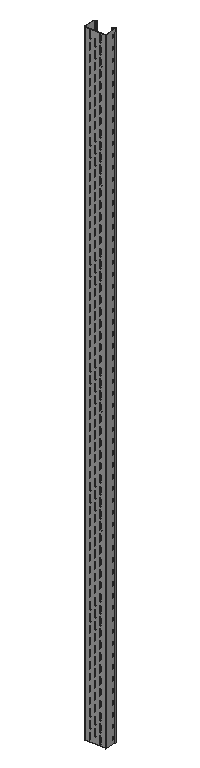
Revit family "Kabelrinne MKS 610FS", category Generic Models, Revit 2017 (continued)
Forms (mm)
  Extrusion 161, void
    sketch origin (0, 25, 950) x (0, 1, 0) y (0, 0, 1)
      loop
        line (10.678, 35) -> (10.678, 15) -> (17.678, 15) -> (17.678, 35) -> (10.678, 35)
    from 49 to 50
  Extrusion 162, void
    sketch origin (0, 0, 1000) x (0, 1, 0) y (0, 0, 1)
      loop
        line (10.678, 35) -> (10.678, 15) -> (17.678, 15) -> (17.678, 35) -> (10.678, 35)
    from 49 to 50
  Extrusion 163, void
    sketch origin (0, 25, 1000) x (0, 1, 0) y (0, 0, 1)
      loop
        line (10.678, 35) -> (10.678, 15) -> (17.678, 15) -> (17.678, 35) -> (10.678, 35)
    from 49 to 50
  Extrusion 164, void
    sketch origin (0, 0, 1050) x (0, 1, 0) y (0, 0, 1)
      loop
        line (10.678, 35) -> (10.678, 15) -> (17.678, 15) -> (17.678, 35) -> (10.678, 35)
    from 49 to 50
  Extrusion 165, void
    sketch origin (0, 25, 1050) x (0, 1, 0) y (0, 0, 1)
      loop
        line (10.678, 35) -> (10.678, 15) -> (17.678, 15) -> (17.678, 35) -> (10.678, 35)
    from 49 to 50
  Extrusion 166, void
    sketch origin (0, 0, 1100) x (0, 1, 0) y (0, 0, 1)
      loop
        line (10.678, 35) -> (10.678, 15) -> (17.678, 15) -> (17.678, 35) -> (10.678, 35)
    from 49 to 50
  Extrusion 167, void
    sketch origin (0, 25, 1100) x (0, 1, 0) y (0, 0, 1)
      loop
        line (10.678, 35) -> (10.678, 15) -> (17.678, 15) -> (17.678, 35) -> (10.678, 35)
    from 49 to 50
  Extrusion 168, void
    sketch origin (0, 0, 1150) x (0, 1, 0) y (0, 0, 1)
      loop
        line (10.678, 35) -> (10.678, 15) -> (17.678, 15) -> (17.678, 35) -> (10.678, 35)
    from 49 to 50
  Extrusion 169, void
    sketch origin (0, 25, 1150) x (0, 1, 0) y (0, 0, 1)
      loop
        line (10.678, 35) -> (10.678, 15) -> (17.678, 15) -> (17.678, 35) -> (10.678, 35)
    from 49 to 50
  Extrusion 170, void
    sketch origin (0, 0, 1200) x (0, 1, 0) y (0, 0, 1)
      loop
        line (10.678, 35) -> (10.678, 15) -> (17.678, 15) -> (17.678, 35) -> (10.678, 35)
    from 49 to 50
  Extrusion 171, void
    sketch origin (0, 25, 1200) x (0, 1, 0) y (0, 0, 1)
      loop
        line (10.678, 35) -> (10.678, 15) -> (17.678, 15) -> (17.678, 35) -> (10.678, 35)
    from 49 to 50
  Extrusion 172, void
    sketch origin (0, 0, 1250) x (0, 1, 0) y (0, 0, 1)
      loop
        line (10.678, 35) -> (10.678, 15) -> (17.678, 15) -> (17.678, 35) -> (10.678, 35)
    from 49 to 50
  Extrusion 173, void
    sketch origin (0, 25, 1250) x (0, 1, 0) y (0, 0, 1)
      loop
        line (10.678, 35) -> (10.678, 15) -> (17.678, 15) -> (17.678, 35) -> (10.678, 35)
    from 49 to 50
  Extrusion 174, void
    sketch origin (0, 0, 1300) x (0, 1, 0) y (0, 0, 1)
      loop
        line (10.678, 35) -> (10.678, 15) -> (17.678, 15) -> (17.678, 35) -> (10.678, 35)
    from 49 to 50
  Extrusion 175, void
    sketch origin (0, 25, 1300) x (0, 1, 0) y (0, 0, 1)
      loop
        line (10.678, 35) -> (10.678, 15) -> (17.678, 15) -> (17.678, 35) -> (10.678, 35)
    from 49 to 50
  Extrusion 176, void
    sketch origin (0, 0, 1350) x (0, 1, 0) y (0, 0, 1)
      loop
        line (10.678, 35) -> (10.678, 15) -> (17.678, 15) -> (17.678, 35) -> (10.678, 35)
    from 49 to 50
  Extrusion 177, void
    sketch origin (0, 25, 1350) x (0, 1, 0) y (0, 0, 1)
      loop
        line (10.678, 35) -> (10.678, 15) -> (17.678, 15) -> (17.678, 35) -> (10.678, 35)
    from 49 to 50
  Extrusion 178, void
    sketch origin (0, 0, 1400) x (0, 1, 0) y (0, 0, 1)
      loop
        line (10.678, 35) -> (10.678, 15) -> (17.678, 15) -> (17.678, 35) -> (10.678, 35)
    from 49 to 50
  Extrusion 179, void
    sketch origin (0, 25, 1400) x (0, 1, 0) y (0, 0, 1)
      loop
        line (10.678, 35) -> (10.678, 15) -> (17.678, 15) -> (17.678, 35) -> (10.678, 35)
    from 49 to 50
  Extrusion 180, void
    sketch origin (0, 0, 1450) x (0, 1, 0) y (0, 0, 1)
      loop
        line (10.678, 35) -> (10.678, 15) -> (17.678, 15) -> (17.678, 35) -> (10.678, 35)
    from 49 to 50
  Extrusion 181, void
    sketch origin (0, 25, 1450) x (0, 1, 0) y (0, 0, 1)
      loop
        line (10.678, 35) -> (10.678, 15) -> (17.678, 15) -> (17.678, 35) -> (10.678, 35)
    from 49 to 50
  Extrusion 182, void
    sketch origin (0, 0, 1500) x (0, 1, 0) y (0, 0, 1)
      loop
        line (10.678, 35) -> (10.678, 15) -> (17.678, 15) -> (17.678, 35) -> (10.678, 35)
    from 49 to 50
  Extrusion 183, void
    sketch origin (0, 25, 1500) x (0, 1, 0) y (0, 0, 1)
      loop
        line (10.678, 35) -> (10.678, 15) -> (17.678, 15) -> (17.678, 35) -> (10.678, 35)
    from 49 to 50
  Extrusion 184, void
    sketch origin (0, 0, 1550) x (0, 1, 0) y (0, 0, 1)
      loop
        line (10.678, 35) -> (10.678, 15) -> (17.678, 15) -> (17.678, 35) -> (10.678, 35)
    from 49 to 50
  Extrusion 185, void
    sketch origin (0, 25, 1550) x (0, 1, 0) y (0, 0, 1)
      loop
        line (10.678, 35) -> (10.678, 15) -> (17.678, 15) -> (17.678, 35) -> (10.678, 35)
    from 49 to 50
  Extrusion 186, void
    sketch origin (0, 0, 1600) x (0, 1, 0) y (0, 0, 1)
      loop
        line (10.678, 35) -> (10.678, 15) -> (17.678, 15) -> (17.678, 35) -> (10.678, 35)
    from 49 to 50
  Extrusion 187, void
    sketch origin (0, 25, 1600) x (0, 1, 0) y (0, 0, 1)
      loop
        line (10.678, 35) -> (10.678, 15) -> (17.678, 15) -> (17.678, 35) -> (10.678, 35)
    from 49 to 50
  Extrusion 188, void
    sketch origin (0, 0, 1650) x (0, 1, 0) y (0, 0, 1)
      loop
        line (10.678, 35) -> (10.678, 15) -> (17.678, 15) -> (17.678, 35) -> (10.678, 35)
    from 49 to 50
  Extrusion 189, void
    sketch origin (0, 25, 1650) x (0, 1, 0) y (0, 0, 1)
      loop
        line (10.678, 35) -> (10.678, 15) -> (17.678, 15) -> (17.678, 35) -> (10.678, 35)
    from 49 to 50
  Extrusion 190, void
    sketch origin (0, 0, 1700) x (0, 1, 0) y (0, 0, 1)
      loop
        line (10.678, 35) -> (10.678, 15) -> (17.678, 15) -> (17.678, 35) -> (10.678, 35)
    from 49 to 50
  Extrusion 191, void
    sketch origin (0, 25, 1700) x (0, 1, 0) y (0, 0, 1)
      loop
        line (10.678, 35) -> (10.678, 15) -> (17.678, 15) -> (17.678, 35) -> (10.678, 35)
    from 49 to 50
  Extrusion 192, void
    sketch origin (0, 0, 1750) x (0, 1, 0) y (0, 0, 1)
      loop
        line (10.678, 35) -> (10.678, 15) -> (17.678, 15) -> (17.678, 35) -> (10.678, 35)
    from 49 to 50
  Extrusion 193, void
    sketch origin (0, 25, 1750) x (0, 1, 0) y (0, 0, 1)
      loop
        line (10.678, 35) -> (10.678, 15) -> (17.678, 15) -> (17.678, 35) -> (10.678, 35)
    from 49 to 50
  Extrusion 194, void
    sketch origin (0, 0, 1800) x (0, 1, 0) y (0, 0, 1)
      loop
        line (10.678, 35) -> (10.678, 15) -> (17.678, 15) -> (17.678, 35) -> (10.678, 35)
    from 49 to 50
  Extrusion 195, void
    sketch origin (0, 25, 1800) x (0, 1, 0) y (0, 0, 1)
      loop
        line (10.678, 35) -> (10.678, 15) -> (17.678, 15) -> (17.678, 35) -> (10.678, 35)
    from 49 to 50
  Extrusion 196, void
    sketch origin (0, 0, 1850) x (0, 1, 0) y (0, 0, 1)
      loop
        line (10.678, 35) -> (10.678, 15) -> (17.678, 15) -> (17.678, 35) -> (10.678, 35)
    from 49 to 50
  Extrusion 197, void
    sketch origin (0, 25, 1850) x (0, 1, 0) y (0, 0, 1)
      loop
        line (10.678, 35) -> (10.678, 15) -> (17.678, 15) -> (17.678, 35) -> (10.678, 35)
    from 49 to 50
  Extrusion 198, void
    sketch origin (0, 0, 1900) x (0, 1, 0) y (0, 0, 1)
      loop
        line (10.678, 35) -> (10.678, 15) -> (17.678, 15) -> (17.678, 35) -> (10.678, 35)
    from 49 to 50
  Extrusion 199, void
    sketch origin (0, 25, 1900) x (0, 1, 0) y (0, 0, 1)
      loop
        line (10.678, 35) -> (10.678, 15) -> (17.678, 15) -> (17.678, 35) -> (10.678, 35)
    from 49 to 50
  Extrusion 200, void
    sketch origin (0, 0, 1950) x (0, 1, 0) y (0, 0, 1)
      loop
        line (10.678, 35) -> (10.678, 15) -> (17.678, 15) -> (17.678, 35) -> (10.678, 35)
    from 49 to 50
  Extrusion 201, void
    sketch origin (0, 25, 1950) x (0, 1, 0) y (0, 0, 1)
      loop
        line (10.678, 35) -> (10.678, 15) -> (17.678, 15) -> (17.678, 35) -> (10.678, 35)
    from 49 to 50
  Extrusion 202, void
    sketch origin (0, 0, 2000) x (0, 1, 0) y (0, 0, 1)
      loop
        line (10.678, 35) -> (10.678, 15) -> (17.678, 15) -> (17.678, 35) -> (10.678, 35)
    from 49 to 50
  Extrusion 203, void
    sketch origin (0, 25, 2000) x (0, 1, 0) y (0, 0, 1)
      loop
        line (10.678, 35) -> (10.678, 15) -> (17.678, 15) -> (17.678, 35) -> (10.678, 35)
    from 49 to 50
  Extrusion 204, void
    sketch origin (0, 0, 2050) x (0, 1, 0) y (0, 0, 1)
      loop
        line (10.678, 35) -> (10.678, 15) -> (17.678, 15) -> (17.678, 35) -> (10.678, 35)
    from 49 to 50
  Extrusion 205, void
    sketch origin (0, 25, 2050) x (0, 1, 0) y (0, 0, 1)
      loop
        line (10.678, 35) -> (10.678, 15) -> (17.678, 15) -> (17.678, 35) -> (10.678, 35)
    from 49 to 50
  Extrusion 206, void
    sketch origin (0, 0, 2100) x (0, 1, 0) y (0, 0, 1)
      loop
        line (10.678, 35) -> (10.678, 15) -> (17.678, 15) -> (17.678, 35) -> (10.678, 35)
    from 49 to 50
  Extrusion 207, void
    sketch origin (0, 25, 2100) x (0, 1, 0) y (0, 0, 1)
      loop
        line (10.678, 35) -> (10.678, 15) -> (17.678, 15) -> (17.678, 35) -> (10.678, 35)
    from 49 to 50
  Extrusion 208, void
    sketch origin (0, 0, 2150) x (0, 1, 0) y (0, 0, 1)
      loop
        line (10.678, 35) -> (10.678, 15) -> (17.678, 15) -> (17.678, 35) -> (10.678, 35)
    from 49 to 50
  Extrusion 209, void
    sketch origin (0, 25, 2150) x (0, 1, 0) y (0, 0, 1)
      loop
        line (10.678, 35) -> (10.678, 15) -> (17.678, 15) -> (17.678, 35) -> (10.678, 35)
    from 49 to 50
  Extrusion 210, void
    sketch origin (0, 0, 2200) x (0, 1, 0) y (0, 0, 1)
      loop
        line (10.678, 35) -> (10.678, 15) -> (17.678, 15) -> (17.678, 35) -> (10.678, 35)
    from 49 to 50
  Extrusion 211, void
    sketch origin (0, 25, 2200) x (0, 1, 0) y (0, 0, 1)
      loop
        line (10.678, 35) -> (10.678, 15) -> (17.678, 15) -> (17.678, 35) -> (10.678, 35)
    from 49 to 50
  Extrusion 212, void
    sketch origin (0, 0, 2250) x (0, 1, 0) y (0, 0, 1)
      loop
        line (10.678, 35) -> (10.678, 15) -> (17.678, 15) -> (17.678, 35) -> (10.678, 35)
    from 49 to 50
  Extrusion 213, void
    sketch origin (0, 25, 2250) x (0, 1, 0) y (0, 0, 1)
      loop
        line (10.678, 35) -> (10.678, 15) -> (17.678, 15) -> (17.678, 35) -> (10.678, 35)
    from 49 to 50
  Extrusion 214, void
    sketch origin (0, 0, 2300) x (0, 1, 0) y (0, 0, 1)
      loop
        line (10.678, 35) -> (10.678, 15) -> (17.678, 15) -> (17.678, 35) -> (10.678, 35)
    from 49 to 50
  Extrusion 215, void
    sketch origin (0, 25, 2300) x (0, 1, 0) y (0, 0, 1)
      loop
        line (10.678, 35) -> (10.678, 15) -> (17.678, 15) -> (17.678, 35) -> (10.678, 35)
    from 49 to 50
  Extrusion 216, void
    sketch origin (0, 0, 2350) x (0, 1, 0) y (0, 0, 1)
      loop
        line (10.678, 35) -> (10.678, 15) -> (17.678, 15) -> (17.678, 35) -> (10.678, 35)
    from 49 to 50
  Extrusion 217, void
    sketch origin (0, 25, 2350) x (0, 1, 0) y (0, 0, 1)
      loop
        line (10.678, 35) -> (10.678, 15) -> (17.678, 15) -> (17.678, 35) -> (10.678, 35)
    from 49 to 50
  Extrusion 218, void
    sketch origin (0, 0, 2400) x (0, 1, 0) y (0, 0, 1)
      loop
        line (10.678, 35) -> (10.678, 15) -> (17.678, 15) -> (17.678, 35) -> (10.678, 35)
    from 49 to 50
  Extrusion 219, void
    sketch origin (0, 25, 2400) x (0, 1, 0) y (0, 0, 1)
      loop
        line (10.678, 35) -> (10.678, 15) -> (17.678, 15) -> (17.678, 35) -> (10.678, 35)
    from 49 to 50
  Extrusion 220, void
    sketch origin (0, 0, 2450) x (0, 1, 0) y (0, 0, 1)
      loop
        line (10.678, 35) -> (10.678, 15) -> (17.678, 15) -> (17.678, 35) -> (10.678, 35)
    from 49 to 50
  Extrusion 221, void
    sketch origin (0, 25, 2450) x (0, 1, 0) y (0, 0, 1)
      loop
        line (10.678, 35) -> (10.678, 15) -> (17.678, 15) -> (17.678, 35) -> (10.678, 35)
    from 49 to 50
  Extrusion 222, void
    sketch origin (0, 0, 2500) x (0, 1, 0) y (0, 0, 1)
      loop
        line (10.678, 35) -> (10.678, 15) -> (17.678, 15) -> (17.678, 35) -> (10.678, 35)
    from 49 to 50
  Extrusion 223, void
    sketch origin (0, 25, 2500) x (0, 1, 0) y (0, 0, 1)
      loop
        line (10.678, 35) -> (10.678, 15) -> (17.678, 15) -> (17.678, 35) -> (10.678, 35)
    from 49 to 50
  Extrusion 224, void
    sketch origin (0, 0, 2550) x (0, 1, 0) y (0, 0, 1)
      loop
        line (10.678, 35) -> (10.678, 15) -> (17.678, 15) -> (17.678, 35) -> (10.678, 35)
    from 49 to 50
  Extrusion 225, void
    sketch origin (0, 25, 2550) x (0, 1, 0) y (0, 0, 1)
      loop
        line (10.678, 35) -> (10.678, 15) -> (17.678, 15) -> (17.678, 35) -> (10.678, 35)
    from 49 to 50
  Extrusion 226, void
    sketch origin (0, 0, 2600) x (0, 1, 0) y (0, 0, 1)
      loop
        line (10.678, 35) -> (10.678, 15) -> (17.678, 15) -> (17.678, 35) -> (10.678, 35)
    from 49 to 50
  Extrusion 227, void
    sketch origin (0, 25, 2600) x (0, 1, 0) y (0, 0, 1)
      loop
        line (10.678, 35) -> (10.678, 15) -> (17.678, 15) -> (17.678, 35) -> (10.678, 35)
    from 49 to 50
  Extrusion 228, void
    sketch origin (0, 0, 2650) x (0, 1, 0) y (0, 0, 1)
      loop
        line (10.678, 35) -> (10.678, 15) -> (17.678, 15) -> (17.678, 35) -> (10.678, 35)
    from 49 to 50
  Extrusion 229, void
    sketch origin (0, 25, 2650) x (0, 1, 0) y (0, 0, 1)
      loop
        line (10.678, 35) -> (10.678, 15) -> (17.678, 15) -> (17.678, 35) -> (10.678, 35)
    from 49 to 50
  Extrusion 230, void
    sketch origin (0, 0, 2700) x (0, 1, 0) y (0, 0, 1)
      loop
        line (10.678, 35) -> (10.678, 15) -> (17.678, 15) -> (17.678, 35) -> (10.678, 35)
    from 49 to 50
  Extrusion 231, void
    sketch origin (0, 25, 2700) x (0, 1, 0) y (0, 0, 1)
      loop
        line (10.678, 35) -> (10.678, 15) -> (17.678, 15) -> (17.678, 35) -> (10.678, 35)
    from 49 to 50
  Extrusion 232, void
    sketch origin (0, 0, 2750) x (0, 1, 0) y (0, 0, 1)
      loop
        line (10.678, 35) -> (10.678, 15) -> (17.678, 15) -> (17.678, 35) -> (10.678, 35)
    from 49 to 50
  Extrusion 233, void
    sketch origin (0, 25, 2750) x (0, 1, 0) y (0, 0, 1)
      loop
        line (10.678, 35) -> (10.678, 15) -> (17.678, 15) -> (17.678, 35) -> (10.678, 35)
    from 49 to 50
  Extrusion 234, void
    sketch origin (0, 0, 2800) x (0, 1, 0) y (0, 0, 1)
      loop
        line (10.678, 35) -> (10.678, 15) -> (17.678, 15) -> (17.678, 35) -> (10.678, 35)
    from 49 to 50
  Extrusion 235, void
    sketch origin (0, 25, 2800) x (0, 1, 0) y (0, 0, 1)
      loop
        line (10.678, 35) -> (10.678, 15) -> (17.678, 15) -> (17.678, 35) -> (10.678, 35)
    from 49 to 50
  Extrusion 236, void
    sketch origin (0, 0, 2850) x (0, 1, 0) y (0, 0, 1)
      loop
        line (10.678, 35) -> (10.678, 15) -> (17.678, 15) -> (17.678, 35) -> (10.678, 35)
    from 49 to 50
  Extrusion 237, void
    sketch origin (0, 25, 2850) x (0, 1, 0) y (0, 0, 1)
      loop
        line (10.678, 35) -> (10.678, 15) -> (17.678, 15) -> (17.678, 35) -> (10.678, 35)
    from 49 to 50
  Extrusion 238, void
    sketch origin (0, 0, 2900) x (0, 1, 0) y (0, 0, 1)
      loop
        line (10.678, 35) -> (10.678, 15) -> (17.678, 15) -> (17.678, 35) -> (10.678, 35)
    from 49 to 50
  Extrusion 239, void
    sketch origin (0, 25, 2900) x (0, 1, 0) y (0, 0, 1)
      loop
        line (10.678, 35) -> (10.678, 15) -> (17.678, 15) -> (17.678, 35) -> (10.678, 35)
    from 49 to 50
  Extrusion 240, void
    sketch origin (0, 0, 2950) x (0, 1, 0) y (0, 0, 1)
      loop
        line (10.678, 35) -> (10.678, 15) -> (17.678, 15) -> (17.678, 35) -> (10.678, 35)
    from 49 to 50
  Extrusion 241, void
    sketch origin (0, 25, 2950) x (0, 1, 0) y (0, 0, 1)
      loop
        line (10.678, 35) -> (10.678, 15) -> (17.678, 15) -> (17.678, 35) -> (10.678, 35)
    from 49 to 50
  Extrusion 242, void
    sketch origin (0, 0, 0) x (0, 1, 0) y (0, 0, 1)
      loop
        line (17.678, 35) -> (10.678, 35) -> (10.678, 15) -> (17.678, 15) -> (17.678, 35)
    from -50 to -49
  Extrusion 243, void
    sketch origin (0, 25, 0) x (0, 1, 0) y (0, 0, 1)
      loop
        line (17.678, 35) -> (10.678, 35) -> (10.678, 15) -> (17.678, 15) -> (17.678, 35)
    from -50 to -49
  Extrusion 244, void
    sketch origin (0, 0, 50) x (0, 1, 0) y (0, 0, 1)
      loop
        line (17.678, 35) -> (10.678, 35) -> (10.678, 15) -> (17.678, 15) -> (17.678, 35)
    from -50 to -49
  Extrusion 245, void
    sketch origin (0, 25, 50) x (0, 1, 0) y (0, 0, 1)
      loop
        line (17.678, 35) -> (10.678, 35) -> (10.678, 15) -> (17.678, 15) -> (17.678, 35)
    from -50 to -49
  Extrusion 246, void
    sketch origin (0, 0, 100) x (0, 1, 0) y (0, 0, 1)
      loop
        line (17.678, 35) -> (10.678, 35) -> (10.678, 15) -> (17.678, 15) -> (17.678, 35)
    from -50 to -49
  Extrusion 247, void
    sketch origin (0, 25, 100) x (0, 1, 0) y (0, 0, 1)
      loop
        line (17.678, 35) -> (10.678, 35) -> (10.678, 15) -> (17.678, 15) -> (17.678, 35)
    from -50 to -49
  Extrusion 248, void
    sketch origin (0, 0, 150) x (0, 1, 0) y (0, 0, 1)
      loop
        line (17.678, 35) -> (10.678, 35) -> (10.678, 15) -> (17.678, 15) -> (17.678, 35)
    from -50 to -49
  Extrusion 249, void
    sketch origin (0, 25, 150) x (0, 1, 0) y (0, 0, 1)
      loop
        line (17.678, 35) -> (10.678, 35) -> (10.678, 15) -> (17.678, 15) -> (17.678, 35)
    from -50 to -49
  Extrusion 250, void
    sketch origin (0, 0, 200) x (0, 1, 0) y (0, 0, 1)
      loop
        line (17.678, 35) -> (10.678, 35) -> (10.678, 15) -> (17.678, 15) -> (17.678, 35)
    from -50 to -49
  Extrusion 251, void
    sketch origin (0, 25, 200) x (0, 1, 0) y (0, 0, 1)
      loop
        line (17.678, 35) -> (10.678, 35) -> (10.678, 15) -> (17.678, 15) -> (17.678, 35)
    from -50 to -49
  Extrusion 252, void
    sketch origin (0, 0, 250) x (0, 1, 0) y (0, 0, 1)
      loop
        line (17.678, 35) -> (10.678, 35) -> (10.678, 15) -> (17.678, 15) -> (17.678, 35)
    from -50 to -49
  Extrusion 253, void
    sketch origin (0, 25, 250) x (0, 1, 0) y (0, 0, 1)
      loop
        line (17.678, 35) -> (10.678, 35) -> (10.678, 15) -> (17.678, 15) -> (17.678, 35)
    from -50 to -49
  Extrusion 254, void
    sketch origin (0, 0, 300) x (0, 1, 0) y (0, 0, 1)
      loop
        line (17.678, 35) -> (10.678, 35) -> (10.678, 15) -> (17.678, 15) -> (17.678, 35)
    from -50 to -49
  Extrusion 255, void
    sketch origin (0, 25, 300) x (0, 1, 0) y (0, 0, 1)
      loop
        line (17.678, 35) -> (10.678, 35) -> (10.678, 15) -> (17.678, 15) -> (17.678, 35)
    from -50 to -49
  Extrusion 256, void
    sketch origin (0, 0, 350) x (0, 1, 0) y (0, 0, 1)
      loop
        line (17.678, 35) -> (10.678, 35) -> (10.678, 15) -> (17.678, 15) -> (17.678, 35)
    from -50 to -49
  Extrusion 257, void
    sketch origin (0, 25, 350) x (0, 1, 0) y (0, 0, 1)
      loop
        line (17.678, 35) -> (10.678, 35) -> (10.678, 15) -> (17.678, 15) -> (17.678, 35)
    from -50 to -49
  Extrusion 258, void
    sketch origin (0, 0, 400) x (0, 1, 0) y (0, 0, 1)
      loop
        line (17.678, 35) -> (10.678, 35) -> (10.678, 15) -> (17.678, 15) -> (17.678, 35)
    from -50 to -49
  Extrusion 259, void
    sketch origin (0, 25, 400) x (0, 1, 0) y (0, 0, 1)
      loop
        line (17.678, 35) -> (10.678, 35) -> (10.678, 15) -> (17.678, 15) -> (17.678, 35)
    from -50 to -49
  Extrusion 260, void
    sketch origin (0, 0, 450) x (0, 1, 0) y (0, 0, 1)
      loop
        line (17.678, 35) -> (10.678, 35) -> (10.678, 15) -> (17.678, 15) -> (17.678, 35)
    from -50 to -49
  Extrusion 261, void
    sketch origin (0, 25, 450) x (0, 1, 0) y (0, 0, 1)
      loop
        line (17.678, 35) -> (10.678, 35) -> (10.678, 15) -> (17.678, 15) -> (17.678, 35)
    from -50 to -49
  Extrusion 262, void
    sketch origin (0, 0, 500) x (0, 1, 0) y (0, 0, 1)
      loop
        line (17.678, 35) -> (10.678, 35) -> (10.678, 15) -> (17.678, 15) -> (17.678, 35)
    from -50 to -49
  Extrusion 263, void
    sketch origin (0, 25, 500) x (0, 1, 0) y (0, 0, 1)
      loop
        line (17.678, 35) -> (10.678, 35) -> (10.678, 15) -> (17.678, 15) -> (17.678, 35)
    from -50 to -49
  Extrusion 264, void
    sketch origin (0, 0, 550) x (0, 1, 0) y (0, 0, 1)
      loop
        line (17.678, 35) -> (10.678, 35) -> (10.678, 15) -> (17.678, 15) -> (17.678, 35)
    from -50 to -49
  Extrusion 265, void
    sketch origin (0, 25, 550) x (0, 1, 0) y (0, 0, 1)
      loop
        line (17.678, 35) -> (10.678, 35) -> (10.678, 15) -> (17.678, 15) -> (17.678, 35)
    from -50 to -49
  Extrusion 266, void
    sketch origin (0, 0, 600) x (0, 1, 0) y (0, 0, 1)
      loop
        line (17.678, 35) -> (10.678, 35) -> (10.678, 15) -> (17.678, 15) -> (17.678, 35)
    from -50 to -49
  Extrusion 267, void
    sketch origin (0, 25, 600) x (0, 1, 0) y (0, 0, 1)
      loop
        line (17.678, 35) -> (10.678, 35) -> (10.678, 15) -> (17.678, 15) -> (17.678, 35)
    from -50 to -49
  Extrusion 268, void
    sketch origin (0, 0, 650) x (0, 1, 0) y (0, 0, 1)
      loop
        line (17.678, 35) -> (10.678, 35) -> (10.678, 15) -> (17.678, 15) -> (17.678, 35)
    from -50 to -49
  Extrusion 269, void
    sketch origin (0, 25, 650) x (0, 1, 0) y (0, 0, 1)
      loop
        line (17.678, 35) -> (10.678, 35) -> (10.678, 15) -> (17.678, 15) -> (17.678, 35)
    from -50 to -49
  Extrusion 270, void
    sketch origin (0, 0, 700) x (0, 1, 0) y (0, 0, 1)
      loop
        line (17.678, 35) -> (10.678, 35) -> (10.678, 15) -> (17.678, 15) -> (17.678, 35)
    from -50 to -49
  Extrusion 271, void
    sketch origin (0, 25, 700) x (0, 1, 0) y (0, 0, 1)
      loop
        line (17.678, 35) -> (10.678, 35) -> (10.678, 15) -> (17.678, 15) -> (17.678, 35)
    from -50 to -49
  Extrusion 272, void
    sketch origin (0, 0, 750) x (0, 1, 0) y (0, 0, 1)
      loop
        line (17.678, 35) -> (10.678, 35) -> (10.678, 15) -> (17.678, 15) -> (17.678, 35)
    from -50 to -49
  Extrusion 273, void
    sketch origin (0, 25, 750) x (0, 1, 0) y (0, 0, 1)
      loop
        line (17.678, 35) -> (10.678, 35) -> (10.678, 15) -> (17.678, 15) -> (17.678, 35)
    from -50 to -49
  Extrusion 274, void
    sketch origin (0, 0, 800) x (0, 1, 0) y (0, 0, 1)
      loop
        line (17.678, 35) -> (10.678, 35) -> (10.678, 15) -> (17.678, 15) -> (17.678, 35)
    from -50 to -49
  Extrusion 275, void
    sketch origin (0, 25, 800) x (0, 1, 0) y (0, 0, 1)
      loop
        line (17.678, 35) -> (10.678, 35) -> (10.678, 15) -> (17.678, 15) -> (17.678, 35)
    from -50 to -49
  Extrusion 276, void
    sketch origin (0, 0, 850) x (0, 1, 0) y (0, 0, 1)
      loop
        line (17.678, 35) -> (10.678, 35) -> (10.678, 15) -> (17.678, 15) -> (17.678, 35)
    from -50 to -49
  Extrusion 277, void
    sketch origin (0, 25, 850) x (0, 1, 0) y (0, 0, 1)
      loop
        line (17.678, 35) -> (10.678, 35) -> (10.678, 15) -> (17.678, 15) -> (17.678, 35)
    from -50 to -49
  Extrusion 278, void
    sketch origin (0, 0, 900) x (0, 1, 0) y (0, 0, 1)
      loop
        line (17.678, 35) -> (10.678, 35) -> (10.678, 15) -> (17.678, 15) -> (17.678, 35)
    from -50 to -49
  Extrusion 279, void
    sketch origin (0, 25, 900) x (0, 1, 0) y (0, 0, 1)
      loop
        line (17.678, 35) -> (10.678, 35) -> (10.678, 15) -> (17.678, 15) -> (17.678, 35)
    from -50 to -49
  Extrusion 280, void
    sketch origin (0, 0, 950) x (0, 1, 0) y (0, 0, 1)
      loop
        line (17.678, 35) -> (10.678, 35) -> (10.678, 15) -> (17.678, 15) -> (17.678, 35)
    from -50 to -49
  Extrusion 281, void
    sketch origin (0, 25, 950) x (0, 1, 0) y (0, 0, 1)
      loop
        line (17.678, 35) -> (10.678, 35) -> (10.678, 15) -> (17.678, 15) -> (17.678, 35)
    from -50 to -49
  Extrusion 282, void
    sketch origin (0, 0, 1000) x (0, 1, 0) y (0, 0, 1)
      loop
        line (17.678, 35) -> (10.678, 35) -> (10.678, 15) -> (17.678, 15) -> (17.678, 35)
    from -50 to -49
  Extrusion 283, void
    sketch origin (0, 25, 1000) x (0, 1, 0) y (0, 0, 1)
      loop
        line (17.678, 35) -> (10.678, 35) -> (10.678, 15) -> (17.678, 15) -> (17.678, 35)
    from -50 to -49
  Extrusion 284, void
    sketch origin (0, 0, 1050) x (0, 1, 0) y (0, 0, 1)
      loop
        line (17.678, 35) -> (10.678, 35) -> (10.678, 15) -> (17.678, 15) -> (17.678, 35)
    from -50 to -49
  Extrusion 285, void
    sketch origin (0, 25, 1050) x (0, 1, 0) y (0, 0, 1)
      loop
        line (17.678, 35) -> (10.678, 35) -> (10.678, 15) -> (17.678, 15) -> (17.678, 35)
    from -50 to -49
  Extrusion 286, void
    sketch origin (0, 0, 1100) x (0, 1, 0) y (0, 0, 1)
      loop
        line (17.678, 35) -> (10.678, 35) -> (10.678, 15) -> (17.678, 15) -> (17.678, 35)
    from -50 to -49
  Extrusion 287, void
    sketch origin (0, 25, 1100) x (0, 1, 0) y (0, 0, 1)
      loop
        line (17.678, 35) -> (10.678, 35) -> (10.678, 15) -> (17.678, 15) -> (17.678, 35)
    from -50 to -49
  Extrusion 288, void
    sketch origin (0, 0, 1150) x (0, 1, 0) y (0, 0, 1)
      loop
        line (17.678, 35) -> (10.678, 35) -> (10.678, 15) -> (17.678, 15) -> (17.678, 35)
    from -50 to -49
  Extrusion 289, void
    sketch origin (0, 25, 1150) x (0, 1, 0) y (0, 0, 1)
      loop
        line (17.678, 35) -> (10.678, 35) -> (10.678, 15) -> (17.678, 15) -> (17.678, 35)
    from -50 to -49
  Extrusion 290, void
    sketch origin (0, 0, 1200) x (0, 1, 0) y (0, 0, 1)
      loop
        line (17.678, 35) -> (10.678, 35) -> (10.678, 15) -> (17.678, 15) -> (17.678, 35)
    from -50 to -49
  Extrusion 291, void
    sketch origin (0, 25, 1200) x (0, 1, 0) y (0, 0, 1)
      loop
        line (17.678, 35) -> (10.678, 35) -> (10.678, 15) -> (17.678, 15) -> (17.678, 35)
    from -50 to -49
  Extrusion 292, void
    sketch origin (0, 0, 1250) x (0, 1, 0) y (0, 0, 1)
      loop
        line (17.678, 35) -> (10.678, 35) -> (10.678, 15) -> (17.678, 15) -> (17.678, 35)
    from -50 to -49
  Extrusion 293, void
    sketch origin (0, 25, 1250) x (0, 1, 0) y (0, 0, 1)
      loop
        line (17.678, 35) -> (10.678, 35) -> (10.678, 15) -> (17.678, 15) -> (17.678, 35)
    from -50 to -49
  Extrusion 294, void
    sketch origin (0, 0, 1300) x (0, 1, 0) y (0, 0, 1)
      loop
        line (17.678, 35) -> (10.678, 35) -> (10.678, 15) -> (17.678, 15) -> (17.678, 35)
    from -50 to -49
  Extrusion 295, void
    sketch origin (0, 25, 1300) x (0, 1, 0) y (0, 0, 1)
      loop
        line (17.678, 35) -> (10.678, 35) -> (10.678, 15) -> (17.678, 15) -> (17.678, 35)
    from -50 to -49
  Extrusion 296, void
    sketch origin (0, 0, 1350) x (0, 1, 0) y (0, 0, 1)
      loop
        line (17.678, 35) -> (10.678, 35) -> (10.678, 15) -> (17.678, 15) -> (17.678, 35)
    from -50 to -49
  Extrusion 297, void
    sketch origin (0, 25, 1350) x (0, 1, 0) y (0, 0, 1)
      loop
        line (17.678, 35) -> (10.678, 35) -> (10.678, 15) -> (17.678, 15) -> (17.678, 35)
    from -50 to -49
  Extrusion 298, void
    sketch origin (0, 0, 1400) x (0, 1, 0) y (0, 0, 1)
      loop
        line (17.678, 35) -> (10.678, 35) -> (10.678, 15) -> (17.678, 15) -> (17.678, 35)
    from -50 to -49
  Extrusion 299, void
    sketch origin (0, 25, 1400) x (0, 1, 0) y (0, 0, 1)
      loop
        line (17.678, 35) -> (10.678, 35) -> (10.678, 15) -> (17.678, 15) -> (17.678, 35)
    from -50 to -49
  Extrusion 300, void
    sketch origin (0, 0, 1450) x (0, 1, 0) y (0, 0, 1)
      loop
        line (17.678, 35) -> (10.678, 35) -> (10.678, 15) -> (17.678, 15) -> (17.678, 35)
    from -50 to -49
  Extrusion 301, void
    sketch origin (0, 25, 1450) x (0, 1, 0) y (0, 0, 1)
      loop
        line (17.678, 35) -> (10.678, 35) -> (10.678, 15) -> (17.678, 15) -> (17.678, 35)
    from -50 to -49
  Extrusion 302, void
    sketch origin (0, 0, 1500) x (0, 1, 0) y (0, 0, 1)
      loop
        line (17.678, 35) -> (10.678, 35) -> (10.678, 15) -> (17.678, 15) -> (17.678, 35)
    from -50 to -49
  Extrusion 303, void
    sketch origin (0, 25, 1500) x (0, 1, 0) y (0, 0, 1)
      loop
        line (17.678, 35) -> (10.678, 35) -> (10.678, 15) -> (17.678, 15) -> (17.678, 35)
    from -50 to -49
  Extrusion 304, void
    sketch origin (0, 0, 1550) x (0, 1, 0) y (0, 0, 1)
      loop
        line (17.678, 35) -> (10.678, 35) -> (10.678, 15) -> (17.678, 15) -> (17.678, 35)
    from -50 to -49
  Extrusion 305, void
    sketch origin (0, 25, 1550) x (0, 1, 0) y (0, 0, 1)
      loop
        line (17.678, 35) -> (10.678, 35) -> (10.678, 15) -> (17.678, 15) -> (17.678, 35)
    from -50 to -49
  Extrusion 306, void
    sketch origin (0, 0, 1600) x (0, 1, 0) y (0, 0, 1)
      loop
        line (17.678, 35) -> (10.678, 35) -> (10.678, 15) -> (17.678, 15) -> (17.678, 35)
    from -50 to -49
  Extrusion 307, void
    sketch origin (0, 25, 1600) x (0, 1, 0) y (0, 0, 1)
      loop
        line (17.678, 35) -> (10.678, 35) -> (10.678, 15) -> (17.678, 15) -> (17.678, 35)
    from -50 to -49
  Extrusion 308, void
    sketch origin (0, 0, 1650) x (0, 1, 0) y (0, 0, 1)
      loop
        line (17.678, 35) -> (10.678, 35) -> (10.678, 15) -> (17.678, 15) -> (17.678, 35)
    from -50 to -49
  Extrusion 309, void
    sketch origin (0, 25, 1650) x (0, 1, 0) y (0, 0, 1)
      loop
        line (17.678, 35) -> (10.678, 35) -> (10.678, 15) -> (17.678, 15) -> (17.678, 35)
    from -50 to -49
  Extrusion 310, void
    sketch origin (0, 0, 1700) x (0, 1, 0) y (0, 0, 1)
      loop
        line (17.678, 35) -> (10.678, 35) -> (10.678, 15) -> (17.678, 15) -> (17.678, 35)
    from -50 to -49
  Extrusion 311, void
    sketch origin (0, 25, 1700) x (0, 1, 0) y (0, 0, 1)
      loop
        line (17.678, 35) -> (10.678, 35) -> (10.678, 15) -> (17.678, 15) -> (17.678, 35)
    from -50 to -49
  Extrusion 312, void
    sketch origin (0, 0, 1750) x (0, 1, 0) y (0, 0, 1)
      loop
        line (17.678, 35) -> (10.678, 35) -> (10.678, 15) -> (17.678, 15) -> (17.678, 35)
    from -50 to -49
  Extrusion 313, void
    sketch origin (0, 25, 1750) x (0, 1, 0) y (0, 0, 1)
      loop
        line (17.678, 35) -> (10.678, 35) -> (10.678, 15) -> (17.678, 15) -> (17.678, 35)
    from -50 to -49
  Extrusion 314, void
    sketch origin (0, 0, 1800) x (0, 1, 0) y (0, 0, 1)
      loop
        line (17.678, 35) -> (10.678, 35) -> (10.678, 15) -> (17.678, 15) -> (17.678, 35)
    from -50 to -49
  Extrusion 315, void
    sketch origin (0, 25, 1800) x (0, 1, 0) y (0, 0, 1)
      loop
        line (17.678, 35) -> (10.678, 35) -> (10.678, 15) -> (17.678, 15) -> (17.678, 35)
    from -50 to -49
  Extrusion 316, void
    sketch origin (0, 0, 1850) x (0, 1, 0) y (0, 0, 1)
      loop
        line (17.678, 35) -> (10.678, 35) -> (10.678, 15) -> (17.678, 15) -> (17.678, 35)
    from -50 to -49
  Extrusion 317, void
    sketch origin (0, 25, 1850) x (0, 1, 0) y (0, 0, 1)
      loop
        line (17.678, 35) -> (10.678, 35) -> (10.678, 15) -> (17.678, 15) -> (17.678, 35)
    from -50 to -49
  Extrusion 318, void
    sketch origin (0, 0, 1900) x (0, 1, 0) y (0, 0, 1)
      loop
        line (17.678, 35) -> (10.678, 35) -> (10.678, 15) -> (17.678, 15) -> (17.678, 35)
    from -50 to -49
  Extrusion 319, void
    sketch origin (0, 25, 1900) x (0, 1, 0) y (0, 0, 1)
      loop
        line (17.678, 35) -> (10.678, 35) -> (10.678, 15) -> (17.678, 15) -> (17.678, 35)
    from -50 to -49
  Extrusion 320, void
    sketch origin (0, 0, 1950) x (0, 1, 0) y (0, 0, 1)
      loop
        line (17.678, 35) -> (10.678, 35) -> (10.678, 15) -> (17.678, 15) -> (17.678, 35)
    from -50 to -49
  Extrusion 321, void
    sketch origin (0, 25, 1950) x (0, 1, 0) y (0, 0, 1)
      loop
        line (17.678, 35) -> (10.678, 35) -> (10.678, 15) -> (17.678, 15) -> (17.678, 35)
    from -50 to -49
  Extrusion 322, void
    sketch origin (0, 0, 2000) x (0, 1, 0) y (0, 0, 1)
      loop
        line (17.678, 35) -> (10.678, 35) -> (10.678, 15) -> (17.678, 15) -> (17.678, 35)
    from -50 to -49
  Extrusion 323, void
    sketch origin (0, 25, 2000) x (0, 1, 0) y (0, 0, 1)
      loop
        line (17.678, 35) -> (10.678, 35) -> (10.678, 15) -> (17.678, 15) -> (17.678, 35)
    from -50 to -49
  Extrusion 324, void
    sketch origin (0, 0, 2050) x (0, 1, 0) y (0, 0, 1)
      loop
        line (17.678, 35) -> (10.678, 35) -> (10.678, 15) -> (17.678, 15) -> (17.678, 35)
    from -50 to -49
  Extrusion 325, void
    sketch origin (0, 25, 2050) x (0, 1, 0) y (0, 0, 1)
      loop
        line (17.678, 35) -> (10.678, 35) -> (10.678, 15) -> (17.678, 15) -> (17.678, 35)
    from -50 to -49
  Extrusion 326, void
    sketch origin (0, 0, 2100) x (0, 1, 0) y (0, 0, 1)
      loop
        line (17.678, 35) -> (10.678, 35) -> (10.678, 15) -> (17.678, 15) -> (17.678, 35)
    from -50 to -49
  Extrusion 327, void
    sketch origin (0, 25, 2100) x (0, 1, 0) y (0, 0, 1)
      loop
        line (17.678, 35) -> (10.678, 35) -> (10.678, 15) -> (17.678, 15) -> (17.678, 35)
    from -50 to -49
  Extrusion 328, void
    sketch origin (0, 0, 2150) x (0, 1, 0) y (0, 0, 1)
      loop
        line (17.678, 35) -> (10.678, 35) -> (10.678, 15) -> (17.678, 15) -> (17.678, 35)
    from -50 to -49
  Extrusion 329, void
    sketch origin (0, 25, 2150) x (0, 1, 0) y (0, 0, 1)
      loop
        line (17.678, 35) -> (10.678, 35) -> (10.678, 15) -> (17.678, 15) -> (17.678, 35)
    from -50 to -49
  Extrusion 330, void
    sketch origin (0, 0, 2200) x (0, 1, 0) y (0, 0, 1)
      loop
        line (17.678, 35) -> (10.678, 35) -> (10.678, 15) -> (17.678, 15) -> (17.678, 35)
    from -50 to -49
  Extrusion 331, void
    sketch origin (0, 25, 2200) x (0, 1, 0) y (0, 0, 1)
      loop
        line (17.678, 35) -> (10.678, 35) -> (10.678, 15) -> (17.678, 15) -> (17.678, 35)
    from -50 to -49
  Extrusion 332, void
    sketch origin (0, 0, 2250) x (0, 1, 0) y (0, 0, 1)
      loop
        line (17.678, 35) -> (10.678, 35) -> (10.678, 15) -> (17.678, 15) -> (17.678, 35)
    from -50 to -49
  Extrusion 333, void
    sketch origin (0, 25, 2250) x (0, 1, 0) y (0, 0, 1)
      loop
        line (17.678, 35) -> (10.678, 35) -> (10.678, 15) -> (17.678, 15) -> (17.678, 35)
    from -50 to -49
  Extrusion 334, void
    sketch origin (0, 0, 2300) x (0, 1, 0) y (0, 0, 1)
      loop
        line (17.678, 35) -> (10.678, 35) -> (10.678, 15) -> (17.678, 15) -> (17.678, 35)
    from -50 to -49
  Extrusion 335, void
    sketch origin (0, 25, 2300) x (0, 1, 0) y (0, 0, 1)
      loop
        line (17.678, 35) -> (10.678, 35) -> (10.678, 15) -> (17.678, 15) -> (17.678, 35)
    from -50 to -49
  Extrusion 336, void
    sketch origin (0, 0, 2350) x (0, 1, 0) y (0, 0, 1)
      loop
        line (17.678, 35) -> (10.678, 35) -> (10.678, 15) -> (17.678, 15) -> (17.678, 35)
    from -50 to -49
  Extrusion 337, void
    sketch origin (0, 25, 2350) x (0, 1, 0) y (0, 0, 1)
      loop
        line (17.678, 35) -> (10.678, 35) -> (10.678, 15) -> (17.678, 15) -> (17.678, 35)
    from -50 to -49
  Extrusion 338, void
    sketch origin (0, 0, 2400) x (0, 1, 0) y (0, 0, 1)
      loop
        line (17.678, 35) -> (10.678, 35) -> (10.678, 15) -> (17.678, 15) -> (17.678, 35)
    from -50 to -49
  Extrusion 339, void
    sketch origin (0, 25, 2400) x (0, 1, 0) y (0, 0, 1)
      loop
        line (17.678, 35) -> (10.678, 35) -> (10.678, 15) -> (17.678, 15) -> (17.678, 35)
    from -50 to -49
  Extrusion 340, void
    sketch origin (0, 0, 2450) x (0, 1, 0) y (0, 0, 1)
      loop
        line (17.678, 35) -> (10.678, 35) -> (10.678, 15) -> (17.678, 15) -> (17.678, 35)
    from -50 to -49
  Extrusion 341, void
    sketch origin (0, 25, 2450) x (0, 1, 0) y (0, 0, 1)
      loop
        line (17.678, 35) -> (10.678, 35) -> (10.678, 15) -> (17.678, 15) -> (17.678, 35)
    from -50 to -49
  Extrusion 342, void
    sketch origin (0, 0, 2500) x (0, 1, 0) y (0, 0, 1)
      loop
        line (17.678, 35) -> (10.678, 35) -> (10.678, 15) -> (17.678, 15) -> (17.678, 35)
    from -50 to -49
  Extrusion 343, void
    sketch origin (0, 25, 2500) x (0, 1, 0) y (0, 0, 1)
      loop
        line (17.678, 35) -> (10.678, 35) -> (10.678, 15) -> (17.678, 15) -> (17.678, 35)
    from -50 to -49
  Extrusion 344, void
    sketch origin (0, 0, 2550) x (0, 1, 0) y (0, 0, 1)
      loop
        line (17.678, 35) -> (10.678, 35) -> (10.678, 15) -> (17.678, 15) -> (17.678, 35)
    from -50 to -49
  Extrusion 345, void
    sketch origin (0, 25, 2550) x (0, 1, 0) y (0, 0, 1)
      loop
        line (17.678, 35) -> (10.678, 35) -> (10.678, 15) -> (17.678, 15) -> (17.678, 35)
    from -50 to -49
  Extrusion 346, void
    sketch origin (0, 0, 2600) x (0, 1, 0) y (0, 0, 1)
      loop
        line (17.678, 35) -> (10.678, 35) -> (10.678, 15) -> (17.678, 15) -> (17.678, 35)
    from -50 to -49
  Extrusion 347, void
    sketch origin (0, 25, 2600) x (0, 1, 0) y (0, 0, 1)
      loop
        line (17.678, 35) -> (10.678, 35) -> (10.678, 15) -> (17.678, 15) -> (17.678, 35)
    from -50 to -49
  Extrusion 348, void
    sketch origin (0, 0, 2650) x (0, 1, 0) y (0, 0, 1)
      loop
        line (17.678, 35) -> (10.678, 35) -> (10.678, 15) -> (17.678, 15) -> (17.678, 35)
    from -50 to -49
  Extrusion 349, void
    sketch origin (0, 25, 2650) x (0, 1, 0) y (0, 0, 1)
      loop
        line (17.678, 35) -> (10.678, 35) -> (10.678, 15) -> (17.678, 15) -> (17.678, 35)
    from -50 to -49
  Extrusion 350, void
    sketch origin (0, 0, 2700) x (0, 1, 0) y (0, 0, 1)
      loop
        line (17.678, 35) -> (10.678, 35) -> (10.678, 15) -> (17.678, 15) -> (17.678, 35)
    from -50 to -49
  Extrusion 351, void
    sketch origin (0, 25, 2700) x (0, 1, 0) y (0, 0, 1)
      loop
        line (17.678, 35) -> (10.678, 35) -> (10.678, 15) -> (17.678, 15) -> (17.678, 35)
    from -50 to -49
  Extrusion 352, void
    sketch origin (0, 0, 2750) x (0, 1, 0) y (0, 0, 1)
      loop
        line (17.678, 35) -> (10.678, 35) -> (10.678, 15) -> (17.678, 15) -> (17.678, 35)
    from -50 to -49
  Extrusion 353, void
    sketch origin (0, 25, 2750) x (0, 1, 0) y (0, 0, 1)
      loop
        line (17.678, 35) -> (10.678, 35) -> (10.678, 15) -> (17.678, 15) -> (17.678, 35)
    from -50 to -49
  Extrusion 354, void
    sketch origin (0, 0, 2800) x (0, 1, 0) y (0, 0, 1)
      loop
        line (17.678, 35) -> (10.678, 35) -> (10.678, 15) -> (17.678, 15) -> (17.678, 35)
    from -50 to -49
  Extrusion 355, void
    sketch origin (0, 25, 2800) x (0, 1, 0) y (0, 0, 1)
      loop
        line (17.678, 35) -> (10.678, 35) -> (10.678, 15) -> (17.678, 15) -> (17.678, 35)
    from -50 to -49
  Extrusion 356, void
    sketch origin (0, 0, 2850) x (0, 1, 0) y (0, 0, 1)
      loop
        line (17.678, 35) -> (10.678, 35) -> (10.678, 15) -> (17.678, 15) -> (17.678, 35)
    from -50 to -49
  Extrusion 357, void
    sketch origin (0, 25, 2850) x (0, 1, 0) y (0, 0, 1)
      loop
        line (17.678, 35) -> (10.678, 35) -> (10.678, 15) -> (17.678, 15) -> (17.678, 35)
    from -50 to -49
  Extrusion 358, void
    sketch origin (0, 0, 2900) x (0, 1, 0) y (0, 0, 1)
      loop
        line (17.678, 35) -> (10.678, 35) -> (10.678, 15) -> (17.678, 15) -> (17.678, 35)
    from -50 to -49
  Extrusion 359, void
    sketch origin (0, 25, 2900) x (0, 1, 0) y (0, 0, 1)
      loop
        line (17.678, 35) -> (10.678, 35) -> (10.678, 15) -> (17.678, 15) -> (17.678, 35)
    from -50 to -49
  Extrusion 360, void
    sketch origin (0, 0, 2950) x (0, 1, 0) y (0, 0, 1)
      loop
        line (17.678, 35) -> (10.678, 35) -> (10.678, 15) -> (17.678, 15) -> (17.678, 35)
    from -50 to -49
  Extrusion 361, void
    sketch origin (0, 25, 2950) x (0, 1, 0) y (0, 0, 1)
      loop
        line (17.678, 35) -> (10.678, 35) -> (10.678, 15) -> (17.678, 15) -> (17.678, 35)
    from -50 to -49
  Extrusion 362, void
    sketch origin (0, 0, 0) x (1, 0, 0) y (0, 0, 1)
      loop
        line (-3.5, 66) -> (-3.5, 34) -> (3.5, 34) -> (3.5, 66) -> (-3.5, 66)
    from 0 to -1
  Extrusion 363, void
    sketch origin (0, 0, 50) x (1, 0, 0) y (0, 0, 1)
      loop
        line (-3.5, 66) -> (-3.5, 34) -> (3.5, 34) -> (3.5, 66) -> (-3.5, 66)
    from 0 to -1
  Extrusion 364, void
    sketch origin (0, 0, 100) x (1, 0, 0) y (0, 0, 1)
      loop
        line (-3.5, 66) -> (-3.5, 34) -> (3.5, 34) -> (3.5, 66) -> (-3.5, 66)
    from 0 to -1
  Extrusion 365, void
    sketch origin (0, 0, 150) x (1, 0, 0) y (0, 0, 1)
      loop
        line (-3.5, 66) -> (-3.5, 34) -> (3.5, 34) -> (3.5, 66) -> (-3.5, 66)
    from 0 to -1
  Extrusion 366, void
    sketch origin (0, 0, 200) x (1, 0, 0) y (0, 0, 1)
      loop
        line (-3.5, 66) -> (-3.5, 34) -> (3.5, 34) -> (3.5, 66) -> (-3.5, 66)
    from 0 to -1
  Extrusion 367, void
    sketch origin (0, 0, 250) x (1, 0, 0) y (0, 0, 1)
      loop
        line (-3.5, 66) -> (-3.5, 34) -> (3.5, 34) -> (3.5, 66) -> (-3.5, 66)
    from 0 to -1
  Extrusion 368, void
    sketch origin (0, 0, 300) x (1, 0, 0) y (0, 0, 1)
      loop
        line (-3.5, 66) -> (-3.5, 34) -> (3.5, 34) -> (3.5, 66) -> (-3.5, 66)
    from 0 to -1
  Extrusion 369, void
    sketch origin (0, 0, 350) x (1, 0, 0) y (0, 0, 1)
      loop
        line (-3.5, 66) -> (-3.5, 34) -> (3.5, 34) -> (3.5, 66) -> (-3.5, 66)
    from 0 to -1
  Extrusion 370, void
    sketch origin (0, 0, 400) x (1, 0, 0) y (0, 0, 1)
      loop
        line (-3.5, 66) -> (-3.5, 34) -> (3.5, 34) -> (3.5, 66) -> (-3.5, 66)
    from 0 to -1
  Extrusion 371, void
    sketch origin (0, 0, 450) x (1, 0, 0) y (0, 0, 1)
      loop
        line (-3.5, 66) -> (-3.5, 34) -> (3.5, 34) -> (3.5, 66) -> (-3.5, 66)
    from 0 to -1
  Extrusion 372, void
    sketch origin (0, 0, 500) x (1, 0, 0) y (0, 0, 1)
      loop
        line (-3.5, 66) -> (-3.5, 34) -> (3.5, 34) -> (3.5, 66) -> (-3.5, 66)
    from 0 to -1
  Extrusion 373, void
    sketch origin (0, 0, 550) x (1, 0, 0) y (0, 0, 1)
      loop
        line (-3.5, 66) -> (-3.5, 34) -> (3.5, 34) -> (3.5, 66) -> (-3.5, 66)
    from 0 to -1
  Extrusion 374, void
    sketch origin (0, 0, 600) x (1, 0, 0) y (0, 0, 1)
      loop
        line (-3.5, 66) -> (-3.5, 34) -> (3.5, 34) -> (3.5, 66) -> (-3.5, 66)
    from 0 to -1
  Extrusion 375, void
    sketch origin (0, 0, 650) x (1, 0, 0) y (0, 0, 1)
      loop
        line (-3.5, 66) -> (-3.5, 34) -> (3.5, 34) -> (3.5, 66) -> (-3.5, 66)
    from 0 to -1
  Extrusion 376, void
    sketch origin (0, 0, 700) x (1, 0, 0) y (0, 0, 1)
      loop
        line (-3.5, 66) -> (-3.5, 34) -> (3.5, 34) -> (3.5, 66) -> (-3.5, 66)
    from 0 to -1
  Extrusion 377, void
    sketch origin (0, 0, 750) x (1, 0, 0) y (0, 0, 1)
      loop
        line (-3.5, 66) -> (-3.5, 34) -> (3.5, 34) -> (3.5, 66) -> (-3.5, 66)
    from 0 to -1
  Extrusion 378, void
    sketch origin (0, 0, 800) x (1, 0, 0) y (0, 0, 1)
      loop
        line (-3.5, 66) -> (-3.5, 34) -> (3.5, 34) -> (3.5, 66) -> (-3.5, 66)
    from 0 to -1
  Extrusion 379, void
    sketch origin (0, 0, 850) x (1, 0, 0) y (0, 0, 1)
      loop
        line (-3.5, 66) -> (-3.5, 34) -> (3.5, 34) -> (3.5, 66) -> (-3.5, 66)
    from 0 to -1
  Extrusion 380, void
    sketch origin (0, 0, 900) x (1, 0, 0) y (0, 0, 1)
      loop
        line (-3.5, 66) -> (-3.5, 34) -> (3.5, 34) -> (3.5, 66) -> (-3.5, 66)
    from 0 to -1
  Extrusion 381, void
    sketch origin (0, 0, 950) x (1, 0, 0) y (0, 0, 1)
      loop
        line (-3.5, 66) -> (-3.5, 34) -> (3.5, 34) -> (3.5, 66) -> (-3.5, 66)
    from 0 to -1
  Extrusion 382, void
    sketch origin (0, 0, 1000) x (1, 0, 0) y (0, 0, 1)
      loop
        line (-3.5, 66) -> (-3.5, 34) -> (3.5, 34) -> (3.5, 66) -> (-3.5, 66)
    from 0 to -1
  Extrusion 383, void
    sketch origin (0, 0, 1050) x (1, 0, 0) y (0, 0, 1)
      loop
        line (-3.5, 66) -> (-3.5, 34) -> (3.5, 34) -> (3.5, 66) -> (-3.5, 66)
    from 0 to -1
  Extrusion 384, void
    sketch origin (0, 0, 1100) x (1, 0, 0) y (0, 0, 1)
      loop
        line (-3.5, 66) -> (-3.5, 34) -> (3.5, 34) -> (3.5, 66) -> (-3.5, 66)
    from 0 to -1
  Extrusion 385, void
    sketch origin (0, 0, 1150) x (1, 0, 0) y (0, 0, 1)
      loop
        line (-3.5, 66) -> (-3.5, 34) -> (3.5, 34) -> (3.5, 66) -> (-3.5, 66)
    from 0 to -1
  Extrusion 386, void
    sketch origin (0, 0, 1200) x (1, 0, 0) y (0, 0, 1)
      loop
        line (-3.5, 66) -> (-3.5, 34) -> (3.5, 34) -> (3.5, 66) -> (-3.5, 66)
    from 0 to -1
  Extrusion 387, void
    sketch origin (0, 0, 1250) x (1, 0, 0) y (0, 0, 1)
      loop
        line (-3.5, 66) -> (-3.5, 34) -> (3.5, 34) -> (3.5, 66) -> (-3.5, 66)
    from 0 to -1
  Extrusion 388, void
    sketch origin (0, 0, 1300) x (1, 0, 0) y (0, 0, 1)
      loop
        line (-3.5, 66) -> (-3.5, 34) -> (3.5, 34) -> (3.5, 66) -> (-3.5, 66)
    from 0 to -1
  Extrusion 389, void
    sketch origin (0, 0, 1350) x (1, 0, 0) y (0, 0, 1)
      loop
        line (-3.5, 66) -> (-3.5, 34) -> (3.5, 34) -> (3.5, 66) -> (-3.5, 66)
    from 0 to -1
  Extrusion 390, void
    sketch origin (0, 0, 1400) x (1, 0, 0) y (0, 0, 1)
      loop
        line (-3.5, 66) -> (-3.5, 34) -> (3.5, 34) -> (3.5, 66) -> (-3.5, 66)
    from 0 to -1
  Extrusion 391, void
    sketch origin (0, 0, 1450) x (1, 0, 0) y (0, 0, 1)
      loop
        line (-3.5, 66) -> (-3.5, 34) -> (3.5, 34) -> (3.5, 66) -> (-3.5, 66)
    from 0 to -1
  Extrusion 392, void
    sketch origin (0, 0, 1500) x (1, 0, 0) y (0, 0, 1)
      loop
        line (-3.5, 66) -> (-3.5, 34) -> (3.5, 34) -> (3.5, 66) -> (-3.5, 66)
    from 0 to -1
  Extrusion 393, void
    sketch origin (0, 0, 1550) x (1, 0, 0) y (0, 0, 1)
      loop
        line (-3.5, 66) -> (-3.5, 34) -> (3.5, 34) -> (3.5, 66) -> (-3.5, 66)
    from 0 to -1
  Extrusion 394, void
    sketch origin (0, 0, 1600) x (1, 0, 0) y (0, 0, 1)
      loop
        line (-3.5, 66) -> (-3.5, 34) -> (3.5, 34) -> (3.5, 66) -> (-3.5, 66)
    from 0 to -1
  Extrusion 395, void
    sketch origin (0, 0, 1650) x (1, 0, 0) y (0, 0, 1)
      loop
        line (-3.5, 66) -> (-3.5, 34) -> (3.5, 34) -> (3.5, 66) -> (-3.5, 66)
    from 0 to -1
  Extrusion 396, void
    sketch origin (0, 0, 1700) x (1, 0, 0) y (0, 0, 1)
      loop
        line (-3.5, 66) -> (-3.5, 34) -> (3.5, 34) -> (3.5, 66) -> (-3.5, 66)
    from 0 to -1
  Extrusion 397, void
    sketch origin (0, 0, 1750) x (1, 0, 0) y (0, 0, 1)
      loop
        line (-3.5, 66) -> (-3.5, 34) -> (3.5, 34) -> (3.5, 66) -> (-3.5, 66)
    from 0 to -1
  Extrusion 398, void
    sketch origin (0, 0, 1800) x (1, 0, 0) y (0, 0, 1)
      loop
        line (-3.5, 66) -> (-3.5, 34) -> (3.5, 34) -> (3.5, 66) -> (-3.5, 66)
    from 0 to -1
  Extrusion 399, void
    sketch origin (0, 0, 1850) x (1, 0, 0) y (0, 0, 1)
      loop
        line (-3.5, 66) -> (-3.5, 34) -> (3.5, 34) -> (3.5, 66) -> (-3.5, 66)
    from 0 to -1
  Extrusion 400, void
    sketch origin (0, 0, 1900) x (1, 0, 0) y (0, 0, 1)
      loop
        line (-3.5, 66) -> (-3.5, 34) -> (3.5, 34) -> (3.5, 66) -> (-3.5, 66)
    from 0 to -1
  Extrusion 401, void
    sketch origin (0, 0, 1950) x (1, 0, 0) y (0, 0, 1)
      loop
        line (-3.5, 66) -> (-3.5, 34) -> (3.5, 34) -> (3.5, 66) -> (-3.5, 66)
    from 0 to -1
  Extrusion 402, void
    sketch origin (0, 0, 2000) x (1, 0, 0) y (0, 0, 1)
      loop
        line (-3.5, 66) -> (-3.5, 34) -> (3.5, 34) -> (3.5, 66) -> (-3.5, 66)
    from 0 to -1
  Extrusion 403, void
    sketch origin (0, 0, 2050) x (1, 0, 0) y (0, 0, 1)
      loop
        line (-3.5, 66) -> (-3.5, 34) -> (3.5, 34) -> (3.5, 66) -> (-3.5, 66)
    from 0 to -1
  Extrusion 404, void
    sketch origin (0, 0, 2100) x (1, 0, 0) y (0, 0, 1)
      loop
        line (-3.5, 66) -> (-3.5, 34) -> (3.5, 34) -> (3.5, 66) -> (-3.5, 66)
    from 0 to -1
  Extrusion 405, void
    sketch origin (0, 0, 2150) x (1, 0, 0) y (0, 0, 1)
      loop
        line (-3.5, 66) -> (-3.5, 34) -> (3.5, 34) -> (3.5, 66) -> (-3.5, 66)
    from 0 to -1
  Extrusion 406, void
    sketch origin (0, 0, 2200) x (1, 0, 0) y (0, 0, 1)
      loop
        line (-3.5, 66) -> (-3.5, 34) -> (3.5, 34) -> (3.5, 66) -> (-3.5, 66)
    from 0 to -1
  Extrusion 407, void
    sketch origin (0, 0, 2250) x (1, 0, 0) y (0, 0, 1)
      loop
        line (-3.5, 66) -> (-3.5, 34) -> (3.5, 34) -> (3.5, 66) -> (-3.5, 66)
    from 0 to -1
  Extrusion 408, void
    sketch origin (0, 0, 2300) x (1, 0, 0) y (0, 0, 1)
      loop
        line (-3.5, 66) -> (-3.5, 34) -> (3.5, 34) -> (3.5, 66) -> (-3.5, 66)
    from 0 to -1
  Extrusion 409, void
    sketch origin (0, 0, 2350) x (1, 0, 0) y (0, 0, 1)
      loop
        line (-3.5, 66) -> (-3.5, 34) -> (3.5, 34) -> (3.5, 66) -> (-3.5, 66)
    from 0 to -1
  Extrusion 410, void
    sketch origin (0, 0, 2400) x (1, 0, 0) y (0, 0, 1)
      loop
        line (-3.5, 66) -> (-3.5, 34) -> (3.5, 34) -> (3.5, 66) -> (-3.5, 66)
    from 0 to -1
  Extrusion 411, void
    sketch origin (0, 0, 2450) x (1, 0, 0) y (0, 0, 1)
      loop
        line (-3.5, 66) -> (-3.5, 34) -> (3.5, 34) -> (3.5, 66) -> (-3.5, 66)
    from 0 to -1
  Extrusion 412, void
    sketch origin (0, 0, 2500) x (1, 0, 0) y (0, 0, 1)
      loop
        line (-3.5, 66) -> (-3.5, 34) -> (3.5, 34) -> (3.5, 66) -> (-3.5, 66)
    from 0 to -1
  Extrusion 413, void
    sketch origin (0, 0, 2550) x (1, 0, 0) y (0, 0, 1)
      loop
        line (-3.5, 66) -> (-3.5, 34) -> (3.5, 34) -> (3.5, 66) -> (-3.5, 66)
    from 0 to -1
  Extrusion 414, void
    sketch origin (0, 0, 2600) x (1, 0, 0) y (0, 0, 1)
      loop
        line (-3.5, 66) -> (-3.5, 34) -> (3.5, 34) -> (3.5, 66) -> (-3.5, 66)
    from 0 to -1
  Extrusion 415, void
    sketch origin (0, 0, 2650) x (1, 0, 0) y (0, 0, 1)
      loop
        line (-3.5, 66) -> (-3.5, 34) -> (3.5, 34) -> (3.5, 66) -> (-3.5, 66)
    from 0 to -1
  Extrusion 416, void
    sketch origin (0, 0, 2700) x (1, 0, 0) y (0, 0, 1)
      loop
        line (-3.5, 66) -> (-3.5, 34) -> (3.5, 34) -> (3.5, 66) -> (-3.5, 66)
    from 0 to -1
  Extrusion 417, void
    sketch origin (0, 0, 2750) x (1, 0, 0) y (0, 0, 1)
      loop
        line (-3.5, 66) -> (-3.5, 34) -> (3.5, 34) -> (3.5, 66) -> (-3.5, 66)
    from 0 to -1
  Extrusion 418, void
    sketch origin (0, 0, 2800) x (1, 0, 0) y (0, 0, 1)
      loop
        line (-3.5, 66) -> (-3.5, 34) -> (3.5, 34) -> (3.5, 66) -> (-3.5, 66)
    from 0 to -1
  Extrusion 419, void
    sketch origin (0, 0, 2850) x (1, 0, 0) y (0, 0, 1)
      loop
        line (-3.5, 66) -> (-3.5, 34) -> (3.5, 34) -> (3.5, 66) -> (-3.5, 66)
    from 0 to -1
  Extrusion 420, void
    sketch origin (0, 0, 2900) x (1, 0, 0) y (0, 0, 1)
      loop
        line (-3.5, 66) -> (-3.5, 34) -> (3.5, 34) -> (3.5, 66) -> (-3.5, 66)
    from 0 to -1
